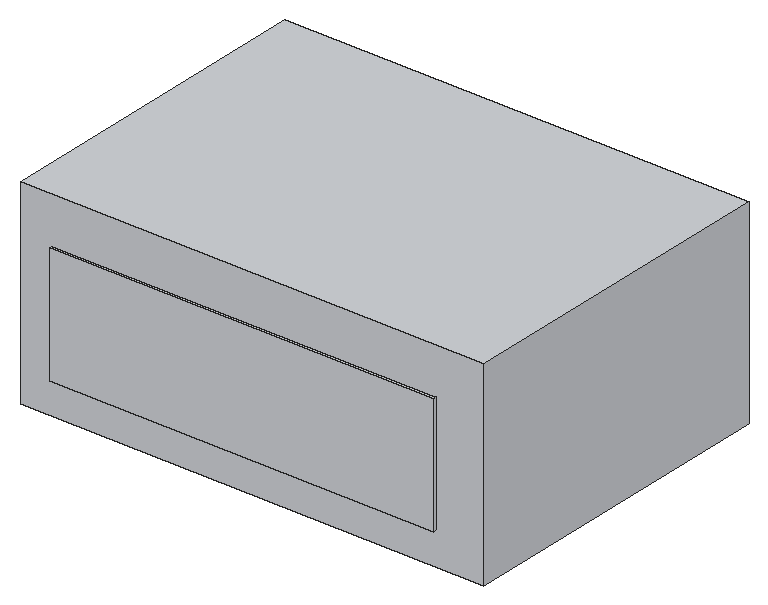
Revit family
Reference planes
  plane 1 "중심(앞/뒤)": y = 0
  plane 2: z = 0
  plane 3 "중심(왼쪽/오른쪽)": x = 0
Forms (mm)
  Extrusion 1, solid
    sketch origin (100, 105, 0) x (1, 0, 0) y (0, 1, 0)
      loop
        line (-100, 145) -> (-100, -105) -> (250, -105) -> (250, 145) -> (-100, 145)
    from 0 to 150
  Extrusion 2, solid
    sketch origin (0, 0, 0) x (1, 0, 0) y (0, 1, 0)
      loop
        line (24.066, 0) -> (24.066, -2.475) -> (314.066, -2.475) -> (314.066, 0) -> (24.066, 0)
    from 24.986 to 115
